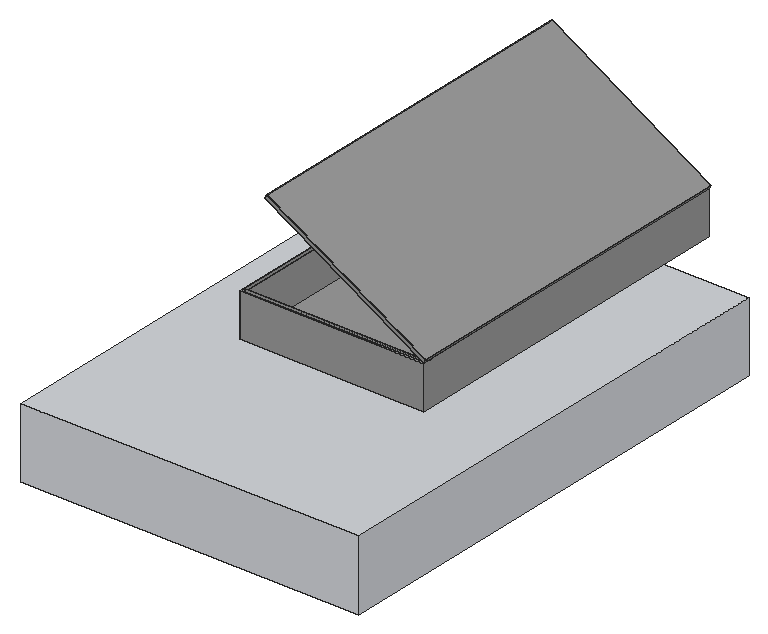
Revit family "Hager-Univers-IP44-D205-H1550-Cl.II-Encl-CH-en", category Equipement électrique, Revit 2020
Family settings
  Hôte = Face
  Configuration du panneau = Deux colonnes, circuits au sein
  Cote de connecteur circulaire = Utiliser le diamètre
  Type d'élément = Tableau de raccordement
  Couper avec des vides une fois chargée = Non
  Partagée = Non
  Point de calcul de pièce = Non
Parameters (values of type "Surface mounted (plaster) IP44 W800 H1550 D205  - FP03SN2")
  Width Control [instance] = if([EF000008 - Width] > Min Width, [EF000008 - Width], Min Width)  # 800 mm
  Commentaires du type = [HG000003 - Range]  # "Univers"
  Thickness Door [instance] = if([EF009171 - Material plate thickness door/cover] > 3 mm, 3 mm, [EF009171 - Material plate thickness door/cover])  # 1 mm
  Seal Frame Offset [instance] = 17 mm  # constant formula
  Plinth Visibility [instance] = [HG000027 - Plinth height] > 0 mm  # no
  Model = ""
  Min Width [instance] = 100 mm  # constant formula
  Min Height [instance] = 100 mm  # constant formula
  Min Depth [instance] = (2 * [EF009170 - Material plate thickness cabinet]) + 1 mm  # 3 mm
  Internal Frame Depth [instance] = (Door System Depth * 0.5)  # 9 mm
  Height Control [instance] = if([EF000040 - Height] > Min Height, [EF000040 - Height], Min Height)  # 1550 mm
  HG000027 - Plinth height = 0 mm
  HG000026 - Floor standing = no
  HG000024 - Bottom section height = 800 mm
  HG000023 - Double section enclosure = no
  HG000016 - Door 3d visibility [instance] = yes
  HG000015 - Clearance visibility [instance] = no
  HG000014 - Door on the right [instance] = yes
  HG000013 - Door on the left [instance] = not([HG000014 - Door on the right])  # no
  HG000012 - Door swing angle [instance] = 30.00°
  HG000010 - Asymmetric doors = no
  HG000009 - Double swing door = no
  HG000006 - Flush mounted = no
  HG000004 - Manufacturer reference = "FP03SN2"
  HG000003 - Range = "Univers"
  HG000002 - With door or cover = yes
  Frame Offset Bottom [instance] = 10 mm  # constant formula
  Frame Offset [instance] = 15 mm  # constant formula
  EF015940 - Cover with overpressure release = no
  EF011959 - Degree of protection (NEMA) = ""
  EF009554 - Number of openings for flange plates = 6
  EF009212 - Cover model = "EV000116 - Closed"
  EF009171 - Material plate thickness door/cover = 1 mm
  EF009170 - Material plate thickness cabinet = 1 mm
  Fabricant = "Hager"  # constant formula
  EF008873 - Nominal current (In) = 250 A
  EF007800 - Suitable for lightning protection = no
  EF006306 - With lock = no
  EF006244 - Transparent cover/door = no
  EF005474 - Degree of protection (IP) = "EV006418 - IP44"
  EF004464 - Type of door = "EV002646 - Single"
  EF004427 - Number of modules = 360
  EF004293 - Impact strength = "EV006815 - IK09"
  EF003532 - Suitable for outdoor use = no
  EF002950 - Width in number of modular spacings = 36
  EF001613 - Circuit integrity = "EV000494 - None"
  EF001596 - Material housing = "EV000179 - Steel"
  EF001131 - Internal depth = 143 mm
  EF001088 - Extension possible = yes
  EF000437 - Number of conduit inlets = 6
  EF000339 - Type of cover = "EV001012 - Cover"
  EF000266 - Number of rows = 10
  EF000218 - Built-in depth = 205 mm
  EF000118 - With mounting plate = no
  EF000116 - RAL-number = "9010"
  EF000049 - Depth = 205 mm
  EF000040 - Height = 1550 mm
  EF000008 - Width = 800 mm
  EF000007 - Colour = "EV000202 - White"
  EF000003 - Mounting method = "EV000384 - Surface mounted (plaster)"
  Door System Leaf Tolerance [instance] = 1.5 mm  # constant formula
  Door System Depth [instance] = 18 mm  # constant formula
  Door Height [instance] = Height Control - [HG000027 - Plinth height]  # 1550 mm
  Depth Control [instance] = if([EF000049 - Depth] > Min Depth, [EF000049 - Depth], Min Depth)  # 205 mm
  Default Elevation = 0 mm
  Connector Offset [instance] = Height Control / 2  # 775 mm
  Bottom Top Plate Trim [instance] = 1.5 mm  # constant formula
  Plinth height Ctrl [instance] = if([HG000027 - Plinth height] > 0 mm, [HG000027 - Plinth height], 12 mm)  # 12 mm
Types (5, lengths in mm): name | Width Control | HG000009 - Double swing door | HG000004 - Manufacturer reference | EF009554 - Number of openings for flange plates | EF008873 - Nominal current (In) | EF004464 - Type of door | EF004427 - Number of modules | EF002950 - Width in number of modular spacings | EF001131 - Internal depth | EF000437 - Number of conduit inlets | EF000008 - Width
  Surface mounted (plaster) IP44 W1050 H1550 D205  - FP04SN2 | 1050 | yes | "FP04SN2" | 8 | 400 A | "EV003602 - Double" | 480 | 48 | 143 | 8 | 1050
  Surface mounted (plaster) IP44 W1300 H1550 D205  - FP05SN2 | 1300 | yes | "FP05SN2" | 10 | 400 A | "EV003602 - Double" | 600 | 60 | 143 | 10 | 1300
  Surface mounted (plaster) IP44 W300 H1550 D205  - FP01SN2 | 300 | no | "FP01SN2" | 2 | 250 A | "EV002646 - Single" | 120 | 12 | 130 | 2 | 300
  Surface mounted (plaster) IP44 W550 H1550 D205  - FP02SN2 | 550 | no | "FP02SN2" | 4 | 250 A | "EV002646 - Single" | 240 | 24 | 143 | 4 | 550
  Surface mounted (plaster) IP44 W800 H1550 D205  - FP03SN2 | 800 | no | "FP03SN2" | 6 | 250 A | "EV002646 - Single" | 360 | 36 | 143 | 6 | 800
Reference planes
  plane 1 "Center (Front/Back)": y = 0
  plane 2: z = 0
  plane 3 "Center (Left/Right)": x = 0
  plane 4: z = 205
  plane 5: y = 1
  plane 6: y = 775
  plane 7: y = 0
  plane 8: y = 1550
  plane 9: z = 0
  plane 10: x = -385
  plane 11: x = 385
  plane 12: x = 384
  plane 13: x = -384
  plane 14: y = 1549
  plane 15: x = -383
  plane 16: x = -400
  plane 17: x = 383
  plane 18: x = 400
  plane 19: x = 399
  plane 20: x = -399
  plane 21: y = 11
  plane 22: y = 1550
  plane 23: y = 1534
  plane 24: z = 187
  plane 25: z = 1
  plane 26: z = 186
  plane 27: z = 204
Forms (mm)
  Extrusion 1, solid
    sketch origin (0, 0, 0) x (1, 0, 0) y (0, 1, 0)
      loop
        line (-702.964, 1305) -> (-702.964, -811.445) -> (766.763, -811.445) -> (766.763, 1305) -> (-702.964, 1305)
    from 0 to -304.8
  Extrusion 2, solid, material "Hager_Steel_RAL7035_Light_Grey", visible <- "Plinth Visibility", detail levels medium+fine
    sketch origin (0, 0, 0) x (1, 0, 0) y (0, 1, 0)
      loop
        line (-400, 0) -> (400, 0) -> (400, 12) -> (-400, 12) -> (-400, 0)
    from 0 to 187
  Extrusion 3, solid, material "Hager_Steel_RAL7035_Light_Grey", detail levels medium+fine
    sketch origin (0, 0, 0) x (1, 0, 0) y (0, 1, 0)
      loop
        line (-400, 0) -> (400, 0) -> (400, 1550) -> (-400, 1550) -> (-400, 0)
    from 0 to 187
  Extrusion 4, void
    sketch origin (0, 0, 0) x (1, 0, 0) y (0, 1, 0)
      loop
        line (-399, 1) -> (399, 1) -> (399, 1549) -> (-399, 1549) -> (-399, 1)
    from 1 to 186
  Extrusion 5, void
    sketch origin (-381.607, -4572, 187) x (0, -1, 0) y (-1, 0, 0)
      loop
        line (-4583, 2.393) -> (-6106, 2.393) -> (-6106, -765.607) -> (-4583, -765.607) -> (-4583, 2.393)
    from 0 to 1 <- "EF009170 - Material plate thickness cabinet"
  Extrusion 6, solid, material "Hager_Steel_RAL7035_Light_Grey", detail levels fine
    sketch origin (0, 0, 187) x (1, 0, 0) y (0, 1, 0)
      loop
        line (-384, 1534) -> (-384, 11) -> (384, 11) -> (384, 1534) -> (-384, 1534)
      loop
        line (-385, 10) -> (385, 10) -> (385, 1535) -> (-385, 1535) -> (-385, 10)
    from 0 to 9 <- "Internal Frame Depth"
  Extrusion 7, solid, material "Hager_Steel_RAL7035_Light_Grey", detail levels coarse
    sketch origin (0, 0, 0) x (1, 0, 0) y (0, 1, 0)
      loop
        line (-400, 0) -> (400, 0) -> (400, 1550) -> (-400, 1550) -> (-400, 0)
    from 0 to 205
  Sweep 8, void
    path in 3D
      loop
        line (-400, 12, 0) -> (400, 12, 0) -> (400, 12, 187) -> (-400, 12, 187) -> (-400, 12, 0)
    profile origin (-400, 12, 93.5) x (-1, 0, 0) y (0, -1, 0)
      loop
        line (0, 0) -> (0, 1.5) -> (-1.5, 1.5)
        arc (-1.5, 1.5) -> (-1.061, 0.439) -> (0, 0) r 1.5
Cuts and joins
  Extrusion 4, Extrusion 5 cuts Extrusion 3
  Sweep 8 cuts Extrusion 2
Lines and regions (mm)
  Masking region 1
    outline origin (0, 0, 0) x (1, 0, 0) y (0, 0, 1)
      loop
        line (-400, 205) -> (-400, 0) -> (400, 0) -> (400, 205) -> (-400, 205)
  Masking region 2, detail levels medium+fine
    outline origin (0, 140, 0) x (0, 1, 0) y (0, 0, 1)
      loop
        line (-140, 0) -> (1410, 0) -> (1410, 187) -> (-140, 187) -> (-140, 0)
  Masking region 3, not visible, detail levels medium+fine
    outline origin (0, 297.922, 0) x (0, 1, 0) y (0, 0, 1)
      loop
        line (488.578, 0) -> (528.578, 0) -> (528.578, 194)
        arc (528.578, 194) -> (525.649, 201.071) -> (518.578, 204) r 10
        line (518.578, 204) -> (488.578, 204) -> (488.578, 0)
  Masking region 4, detail levels coarse
    outline origin (0, 0, 180) x (0, 1, 0) y (0, 0, 1)
      loop
        line (0, -180) -> (1550, -180) -> (1550, 25) -> (0, 25) -> (0, -180)
  Masking region 5, visible <- "Plinth Visibility", detail levels medium+fine
    outline origin (0, 52.24, 12.345) x (0, 0, -1) y (0, 1, 0)
      loop
        line (10.845, -40.24) -> (-173.155, -40.24)
        arc (-173.155, -40.24) -> (-173.594, -41.301) -> (-174.655, -41.74) r 1.5
        line (-174.655, -41.74) -> (-174.655, -52.24) -> (12.345, -52.24) -> (12.345, -41.74)
        arc (12.345, -41.74) -> (11.285, -41.301) -> (10.845, -40.24) r 1.5
  Masking region 6, detail levels medium+fine
    outline origin (-381.607, -4572, 187) x (-1, 0, 0) y (0, -1, 0)
      loop
        line (18.393, -6122) -> (18.393, -4572) -> (-781.607, -4572) -> (-781.607, -6122) -> (18.393, -6122)
  Masking region 7, visible <- "Plinth Visibility", detail levels medium+fine
    outline origin (-381.607, -4727, 187) x (-1, 0, 0) y (0, -1, 0)
      loop
        arc (16.893, -4739) -> (17.332, -4737.939) -> (18.393, -4737.5) r 1.5
        line (18.393, -4737.5) -> (18.393, -4727) -> (-781.607, -4727) -> (-781.607, -4737.5)
        arc (-781.607, -4737.5) -> (-780.546, -4737.939) -> (-780.107, -4739) r 1.5
        line (-780.107, -4739) -> (16.893, -4739)
  Masking region 8, detail levels coarse
    outline origin (-442.548, -4669.526, 187) x (-1, 0, 0) y (0, -1, 0)
      loop
        line (-42.548, -6219.526) -> (-42.548, -4669.526) -> (-842.548, -4669.526) -> (-842.548, -6219.526) -> (-42.548, -6219.526)
  sketch lines
    curve 1: line (-400, 12, 187) -> (-400, 12, 0)
    curve 2: line (400, 12, 187) -> (-400, 12, 187)
    curve 3: line (400, 12, 187) -> (400, 12, 0)
    curve 4: line (-400, 12, 0) -> (400, 12, 0)
Dimensions and locks
  "Depth Control": plane 4 to Extrusion 1
  "HG000027 - Plinth height": plane 1 "Center (Front/Back)" to plane 7
  "EF009170 - Material plate thickness cabinet": plane 5 to plane 7
  locked: connector elem to plane 3 "Center (Left/Right)"
  equal spacing: plane 8, plane 6, plane 7
  locked: connector elem to plane 6
  "EF009170 - Material plate thickness cabinet": plane 8 to plane 14
  "EF009170 - Material plate thickness cabinet": plane 10 to plane 13
  "EF009170 - Material plate thickness cabinet": plane 12 to plane 11
  "Frame Offset": plane 20 to plane 13
  "Frame Offset": plane 12 to plane 19
  "EF009170 - Material plate thickness cabinet": plane 16 to plane 20
  "EF009170 - Material plate thickness cabinet": plane 19 to plane 18
  "Seal Frame Offset": plane 16 to plane 15
  "Seal Frame Offset": plane 17 to plane 18
  "Frame Offset Bottom": plane 21 to plane 5
  "Frame Offset": plane 14 to plane 23
  equal spacing: plane 16, plane 3 "Center (Left/Right)", plane 18
  "Width Control": plane 16 to plane 18
  "EF009170 - Material plate thickness cabinet": plane 4 to plane 27
  "EF009170 - Material plate thickness cabinet": plane 24 to plane 26
  "EF009170 - Material plate thickness cabinet": plane 25 to level
  "Door System Depth": plane 4 to plane 24
  "Height Control": plane 1 "Center (Front/Back)" to Extrusion 7 sketch curve
  "Height Control": Masking region 4 sketch curve to plane 1 "Center (Front/Back)"
  "Height Control": plane 1 "Center (Front/Back)" to plane 22
  "Bottom Top Plate Trim": profile plane to Sweep 8 sketch curve
  "Bottom Top Plate Trim": Sweep 8 sketch curve to profile plane
  "Plinth height Ctrl": plane 1 "Center (Front/Back)" to Extrusion 2 sketch curve
  "Plinth height Ctrl": Masking region 5 sketch curve to plane 1 "Center (Front/Back)"
  "Plinth height Ctrl": plane 1 "Center (Front/Back)" to Masking region 7 sketch curve
  "Thickness Door": Extrusion 6 sketch curve to Extrusion 6 sketch curve  (x3)
  "Thickness Door": cut or joined group of Extrusion 3, Extrusion 4, Extrusion 5 to Extrusion 6 sketch curve
  radius of Masking region 3 sketch curve = 10 mm
  "Bottom Top Plate Trim": radius of Masking region 5 sketch curve  (x2)
  "Bottom Top Plate Trim": radius of Sweep 8 sketch curve
  "Bottom Top Plate Trim": radius of Masking region 7 sketch curve  (x2)
  aligned and locked: plane 2 to Extrusion 1
  aligned and locked: level to Extrusion 1
  aligned and locked: level to Masking region 1 sketch curve
  aligned and locked: Masking region 1 sketch curve to plane 18
  aligned and locked: Masking region 1 sketch curve to plane 16
  aligned and locked: plane 7 to Masking region 2 sketch curve
  aligned and locked: level to Masking region 3 sketch curve
  aligned and locked: Masking region 3 sketch curve to plane 27
  aligned and locked: level to Masking region 2 sketch curve
  aligned and locked: plane 1 "Center (Front/Back)" to Extrusion 2 sketch curve
  aligned and locked: Extrusion 3 sketch curve to plane 7
  aligned and locked: plane 16 to Extrusion 3 sketch curve
  aligned and locked: plane 18 to Extrusion 3 sketch curve
  aligned and locked: plane 20 to Extrusion 4 sketch curve
  aligned and locked: plane 19 to Extrusion 4 sketch curve
  aligned and locked: Extrusion 4 sketch curve to plane 5
  aligned and locked: Extrusion 4 to plane 25
  aligned and locked: plane 26 to Extrusion 4
  aligned and locked: plane 24 to Extrusion 3
  aligned and locked: Extrusion 5 sketch curve to plane 21
  aligned and locked: Extrusion 5 sketch curve to plane 13
  aligned and locked: Extrusion 5 sketch curve to plane 12
  aligned and locked: plane 18 to Extrusion 7 sketch curve
  aligned and locked: plane 1 "Center (Front/Back)" to Extrusion 7 sketch curve
  aligned and locked: plane 16 to Extrusion 7 sketch curve
  aligned and locked: plane 4 to Extrusion 7
  aligned and locked: Extrusion 7 to level
  aligned and locked: level to Masking region 4 sketch curve
  aligned and locked: Masking region 4 sketch curve to plane 1 "Center (Front/Back)"
  aligned and locked: Masking region 4 sketch curve to plane 4
  aligned and locked: nested 1 to level
  aligned and locked: nested 1 to plane 16
  aligned and locked: plane 8 to Extrusion 3 sketch curve
  aligned and locked: plane 23 to Extrusion 5 sketch curve
  aligned and locked: plane 14 to Extrusion 4 sketch curve
  aligned and locked: Masking region 2 sketch curve to plane 8
  aligned and locked: level to Masking region 5 sketch curve
  aligned and locked: plane 16 to Extrusion 2 sketch curve
  aligned and locked: plane 18 to Extrusion 2 sketch curve
  aligned and locked: Masking region 5 sketch curve to plane 24
  aligned and locked: Masking region 2 sketch curve to plane 24
  aligned and locked: plane 24 to Extrusion 2
  aligned and locked: profile plane to Sweep 8 sketch curve  (x2)
  aligned and locked: Masking region 6 sketch curve to plane 18
  aligned and locked: Masking region 6 sketch curve to plane 22
  aligned and locked: Masking region 6 sketch curve to plane 16
  aligned and locked: plane 8 to plane 22
  aligned and locked: Masking region 6 sketch curve to plane 7
  aligned and locked: Masking region 7 sketch curve to plane 16
  aligned and locked: Masking region 7 sketch curve to plane 1 "Center (Front/Back)"
  aligned and locked: Masking region 7 sketch curve to plane 18
  aligned and locked: Masking region 8 sketch curve to plane 1 "Center (Front/Back)"
  aligned and locked: Masking region 8 sketch curve to plane 18
  aligned and locked: Masking region 8 sketch curve to plane 22
  aligned and locked: Masking region 8 sketch curve to plane 16
  aligned and locked: nested 2 to plane 7
  aligned and locked: plane 3 "Center (Left/Right)" to nested 2
  aligned and locked: nested 2 to plane 24
  aligned and locked: Extrusion 6 sketch curve to cut or joined group of Extrusion 3, Extrusion 4, Extrusion 5  (x4)
Automatic sketch dimensions
  Extrusion 1 sketch curve to Extrusion 1 sketch curve = 1469.727 mm
  Extrusion 1 sketch curve to Extrusion 1 sketch curve = 2116.445 mm
  Masking region 1 sketch curve to plane 4 = 0 mm
  plane 6 to Masking region 3 sketch curve = 11.5 mm
  Masking region 3 sketch curve to Masking region 3 sketch curve = 30 mm
  Masking region 5 sketch curve to plane 1 "Center (Front/Back)" = 0 mm
Nested families
  nested 1: "Hager_Enclosure_Symbol" at (-400, 0, 0) x (1, 0, 0) z (0, -1, 0), Height <- "Depth Control", Width <- "Width Control", type "Hager_Enclosure_Symbol"
    with Width_Ctrl 800 mm, Width 800 mm, Height_Ctrl 205 mm, Height 205 mm, A_Width_Int 13.453 mm, A_Width 161.438 mm, A_Height_Ctrl 179.375 mm, A_Height 179.375 mm
  nested 2: "EC000058_Univers_Door" at (0, 0, 187) x (1, 0, 0) z (0, 1, 0), Leaf_Tolerance <- "Door System Leaf Tolerance", Angle <- "HG000012 - Door swing angle", Door_Depth <- "Door System Depth", Door_Left <- "HG000013 - Door on the left", Transparent <- "EF006244 - Transparent cover/door", Assymetrical <- "HG000010 - Asymmetric doors", Width <- "Width Control", Clearance <- "HG000015 - Clearance visibility", Double <- "HG000009 - Double swing door", 3d_Door <- "HG000016 - Door 3d visibility", Lock_Visibility <- "EF006306 - With lock", Width_Ctrl <- "Width Control", Door_Right <- "HG000014 - Door on the right", Door <- "HG000002 - With door or cover", Height <- "Door Height", Thickness <- "Thickness Door", type "EC000058_Univers_Door", detail levels medium+fine
    with min_wh 3 mm, Width_Ctrl 800 mm, Width 800 mm, Transparent no, Thickness 1 mm, Seal_Material Hager_Rubber, Lock_Visibility no, Lock_Material Hager_Plastic_RAL9005_Jet_Black, Leaf_Width 800 mm, Leaf_Tolerance_External_Sides 0 mm, Leaf_Tolerance 1.5 mm, Leaf_Offset 0 mm, Leaf_Height 1547 mm, Leaf_2_Width 800 mm, Leaf_2_Offset 400 mm, Leaf_1_Width 800 mm, Leaf_1_Offset 400 mm, Height_Ctrl 1550 mm, Height 1550 mm, Glass_Material Hager_Glass, Double_Clearance_Ctrl no, Double no, Door_Right_Ctrl yes, Door_Right yes, Door_Material Hager_Steel_RAL7035_Light_Grey, Door_Left_Ctrl no, Door_Left no, Door_Depth 18 mm, Door yes, Clearance_Material Hager_Clearance, Clearance_Depth 800 mm, Clearance_Ctrl no, Clearance no, Assymetrical no, Angle 30.00°, 3d_Door yes
Connectors
  electrical at (0, 775, 0)
    settings: on plane 9, index 1, voltage 0 V, apparent load 0 VA, apparent load phase1 0 VA, apparent load phase2 0 VA, apparent load phase3 0 VA, power factor 1, load classification "Other", number of poles 1, system type 30, power factor state 1, is connector primary yes, connector utility no, sub classification motor no, connector description ""
Definition of nested family "EC000058_Univers_Door"
  Parameters (values of type "EC000058_Univers_Door")
    min_wh [instance] = (2 * Thickness) + 1 mm  # 11 mm
    Width_Ctrl [instance] = 400 mm
    Width [instance] = 500 mm
    Transparent [instance] = yes
    Thickness [instance] = 5 mm
    Seal_Material [instance] = none
    Lock_Visibility [instance] = yes
    Lock_Material [instance] = none
    Leaf_Width [instance] = if((Width_Ctrl - 2 * Leaf_Tolerance_External_Sides) > 0 mm, (Width_Ctrl - 2 * Leaf_Tolerance_External_Sides), min_wh)  # 400 mm
    Leaf_Tolerance_External_Sides [instance] = 0 mm  # constant formula
    Leaf_Tolerance [instance] = 1.5 mm
    Leaf_Offset [instance] = 0 mm  # constant formula
    Leaf_Height [instance] = if((Height_Ctrl - 2 * Leaf_Tolerance) > 0 mm, (Height_Ctrl - 2 * Leaf_Tolerance), min_wh)  # 497 mm
    Leaf_2_Width [instance] = if(and(and(Double, Assymetrical), Door_Left), (Leaf_Width / 3) - (Leaf_Tolerance / 2), if(and(and(Double, Assymetrical), Door_Right), (Leaf_Width / 3) * 2 - (Leaf_Tolerance / 2), if(and(Double, not(Assymetrical)), (Leaf_Width / 2) - Leaf_Tolerance, Leaf_Width)))  # 400 mm
    Leaf_2_Offset [instance] = if(and(Double, Assymetrical), Leaf_2_Width / 2, if(and(Double, not(Assymetrical)), Leaf_Width / 4, Leaf_Width / 2))  # 200 mm
    Leaf_1_Width [instance] = if(and(and(Double, Assymetrical), Door_Right), (Leaf_Width / 3) - (Leaf_Tolerance / 2), if(and(and(Double, Assymetrical), Door_Left), (Width / 3) * 2 - (Leaf_Tolerance / 2), if(and(Double, not(Assymetrical)), (Leaf_Width / 2) - Leaf_Tolerance, Leaf_Width)))  # 400 mm
    Leaf_1_Offset [instance] = if(and(Double, Assymetrical), Leaf_1_Width / 2, if(and(Double, not(Assymetrical)), Leaf_Width / 4, Leaf_Width / 2))  # 200 mm
    Height_Ctrl [instance] = if(Height > min_wh, Height, min_wh)  # 500 mm
    Height [instance] = 500 mm
    Glass_Material [instance] = none
    Double_Clearance_Ctrl [instance] = and(Double, Clearance)  # no
    Double [instance] = no
    Door_Right_Ctrl [instance] = and(or(Door_Right, Double), Door)  # yes
    Door_Right [instance] = yes
    Door_Material [instance] = none
    Door_Left_Ctrl [instance] = and(or(Door_Left, Double), Door)  # no
    Door_Left [instance] = no
    Door_Depth [instance] = 30 mm
    Door [instance] = yes
    Default Elevation = 1219.2 mm
    Clearance_Material [instance] = none
    Clearance_Depth [instance] = if(Leaf_1_Width > Leaf_2_Width, Leaf_1_Width, Leaf_2_Width)  # 400 mm
    Clearance_Ctrl [instance] = and(not(Double), Clearance)  # yes
    Clearance [instance] = yes
    Assymetrical [instance] = yes
    Angle [instance] = 30.00°
    3d_Door [instance] = yes
  Reference planes
    plane 1 "Center (Front/Back)": y = 0
    plane 2 "Bottom": z = 0
    plane 3 "Center (Left/Right)": x = 0
    plane 4: z = 500
    plane 5: x = -200
    plane 6: x = 200
    plane 7: z = 500
    plane 8: x = -200
    plane 9: z = 0
    plane 10: x = 200
    plane 11: y = 0
    plane 12: z = 1.5
    plane 13: x = -600
    plane 14: y = -400
    plane 15: x = 600
    plane 16: x = 0
    plane 17: x = 0
    plane 18: x = -200
    plane 19: x = 200
    plane 20: z = 498.5
  Forms (mm)
    Extrusion 1, solid, material <- "Clearance_Material", visible <- "Double_Clearance_Ctrl"
      sketch origin (1200, 0, 0) x (1, 0, 0) y (0, 0, -1)
        loop
          line (-1800, -498.5) -> (-600, -498.5) -> (-600, 0) -> (-1800, 0) -> (-1800, -498.5)
      from 0 to -400
  Dimensions and locks
    equal spacing: plane 5, plane 3 "Center (Left/Right)", plane 6
    "Width_Ctrl": plane 5 to plane 6
    "Leaf_Offset": plane 5 to plane 8
    "Leaf_Offset": plane 6 to plane 10
    "Leaf_Offset": plane 9 to level
    "Leaf_Offset": plane 4 to plane 7
    "Height_Ctrl": plane 4 to level
    "Leaf_Tolerance": plane 12 to plane 9
    locked: plane 11 to plane 1 "Center (Front/Back)"
    "Leaf_1_Offset": plane 18 to plane 16
    "Leaf_2_Offset": plane 17 to plane 19
    "Leaf_1_Width": plane 13 to plane 8
    "Leaf_2_Width": plane 10 to plane 15
    "Clearance_Depth": plane 14 to plane 1 "Center (Front/Back)"
    "Leaf_Tolerance_External_Sides": plane 8 to plane 18
    "Leaf_Tolerance_External_Sides": plane 19 to plane 10
    "Leaf_Tolerance": plane 7 to plane 20
    aligned and locked: level to plane 2 "Bottom"
    aligned and locked: nested 1 to plane 16
    aligned and locked: nested 2 to plane 17
    aligned and locked: Extrusion 1 to plane 13
    aligned and locked: plane 15 to Extrusion 1
    aligned and locked: Extrusion 1 to plane 14
    aligned and locked: plane 12 to nested 1
    aligned and locked: nested 2 to plane 12
    aligned and locked: Extrusion 1 to plane 11
    aligned and locked: plane 20 to Extrusion 1
    aligned and locked: nested 2 to plane 11
    aligned and locked: nested 1 to plane 11
  Automatic sketch dimensions
    Extrusion 1 sketch curve to level = 0 mm
    plane 5 to Extrusion 1 sketch curve = 400 mm
    plane 6 to Extrusion 1 sketch curve = 400 mm
    Extrusion 1 sketch curve to plane 4 = 1.5 mm
  Nested families
    nested 1: "EC000058_Univers_Door_Leaf" at (0, 0, 1.5), Width <- "Leaf_1_Width", visible <- "Door_Left_Ctrl", Leaf_Height <- "Leaf_Height", Angle <- "Angle", 3d_Door <- "3d_Door", Transparent <- "Transparent", Clearance Material <- "Clearance_Material", Clearance <- "Clearance_Ctrl", Door_Material <- "Door_Material", Glass_Material <- "Glass_Material", Door_Depth <- "Door_Depth", Lock_Material <- "Lock_Material", Seal_Material <- "Seal_Material", Lock_Visibility <- "Lock_Visibility", Thickness <- "Thickness", type "EC000058_Univers_Door_Leaf"
      with Width 400 mm, Transparent_Glass_Offset 30 mm, Transparent_Ctrl yes, Transparent yes, Thickness 5 mm, Standard no, Seal_Material none, Seal_D2 8 mm, Seal_D1 1 mm, Offset_Internal_Frame 10 mm, Lock_Width 20 mm, Lock_Visibility_3d yes, Lock_Visibility yes, Lock_Thickness_3 3 mm, Lock_Thickness_2 1 mm, Lock_Thickness_1 3 mm, Lock_Radius_Offset_2 16 mm, Lock_Radius_Offset_1 15 mm, Lock_Radius_2 5 mm, Lock_Radius 6 mm, Lock_Offset 5 mm, Lock_Material none, Lock_Height 80 mm, Lock_Cover_Top_Offset_2d 17 mm, Lock_Cover_Height -65 mm, Leaf_Height 497 mm, Internal_Seal_Thickness 8 mm, Internal_Seal_Depth_2 4.5 mm, Internal_Frame_Depth 25 mm, Glass_Thickness -1 mm, Glass_Offset -2 mm, Glass_Material none, Door_Material none, Door_Depth 30 mm, Clearance Material none, Clearance yes, Angle_Ctrl 30.00°, Angle 30.00°, 3d_Door yes
    nested 2: "EC000058_Univers_Door_Leaf" at (0, 0, 1.5) x (-1, 0, 0) z (0, 0, 1), Width <- "Leaf_2_Width", visible <- "Door_Right_Ctrl", Leaf_Height <- "Leaf_Height", Angle <- "Angle", 3d_Door <- "3d_Door", Transparent <- "Transparent", Clearance Material <- "Clearance_Material", Clearance <- "Clearance_Ctrl", Door_Material <- "Door_Material", Glass_Material <- "Glass_Material", Door_Depth <- "Door_Depth", Lock_Material <- "Lock_Material", Seal_Material <- "Seal_Material", Lock_Visibility <- "Lock_Visibility", Thickness <- "Thickness", type "EC000058_Univers_Door_Leaf"
      with Width 400 mm, Transparent_Glass_Offset 30 mm, Transparent_Ctrl yes, Transparent yes, Thickness 5 mm, Standard no, Seal_Material none, Seal_D2 8 mm, Seal_D1 1 mm, Offset_Internal_Frame 10 mm, Lock_Width 20 mm, Lock_Visibility_3d yes, Lock_Visibility yes, Lock_Thickness_3 3 mm, Lock_Thickness_2 1 mm, Lock_Thickness_1 3 mm, Lock_Radius_Offset_2 16 mm, Lock_Radius_Offset_1 15 mm, Lock_Radius_2 5 mm, Lock_Radius 6 mm, Lock_Offset 5 mm, Lock_Material none, Lock_Height 80 mm, Lock_Cover_Top_Offset_2d 17 mm, Lock_Cover_Height -65 mm, Leaf_Height 497 mm, Internal_Seal_Thickness 8 mm, Internal_Seal_Depth_2 4.5 mm, Internal_Frame_Depth 25 mm, Glass_Thickness -1 mm, Glass_Offset -2 mm, Glass_Material none, Door_Material none, Door_Depth 30 mm, Clearance Material none, Clearance yes, Angle_Ctrl 30.00°, Angle 30.00°, 3d_Door yes
  Definition of nested family "EC000058_Univers_Door_Leaf"
    Parameters (values of type "EC000058_Univers_Door_Leaf")
      Width [instance] = 2000 mm
      Transparent_Glass_Offset [instance] = 30 mm
      Transparent_Ctrl [instance] = and(Transparent, [3d_Door])  # yes
      Transparent [instance] = yes
      Thickness [instance] = 5 mm
      Standard [instance] = and(not(Transparent), [3d_Door])  # no
      Seal_Material [instance] = none
      Seal_D2 [instance] = 8 mm  # constant formula
      Seal_D1 [instance] = 1 mm  # constant formula
      Offset_Internal_Frame [instance] = 10 mm  # constant formula
      Lock_Width [instance] = 20 mm  # constant formula
      Lock_Visibility_3d [instance] = and(Lock_Visibility, [3d_Door])  # yes
      Lock_Visibility [instance] = yes
      Lock_Thickness_3 [instance] = 3 mm  # constant formula
      Lock_Thickness_2 [instance] = 1 mm  # constant formula
      Lock_Thickness_1 [instance] = 3 mm  # constant formula
      Lock_Radius_Offset_2 [instance] = Lock_Radius_Offset_1 + 1 mm  # 16 mm
      Lock_Radius_Offset_1 [instance] = 15 mm  # constant formula
      Lock_Radius_2 [instance] = Lock_Radius - 1 mm  # 5 mm
      Lock_Radius [instance] = 6 mm  # constant formula
      Lock_Offset [instance] = 5 mm  # constant formula
      Lock_Material [instance] = none
      Lock_Height [instance] = 80 mm  # constant formula
      Lock_Cover_Top_Offset_2d [instance] = Lock_Radius_Offset_2 + 1 mm  # 17 mm
      Lock_Cover_Height [instance] = -(Lock_Height - Lock_Radius_Offset_1)  # -65 mm
      Leaf_Height [instance] = 2720.336 mm
      Internal_Seal_Thickness [instance] = 8 mm  # constant formula
      Internal_Seal_Depth_2 [instance] = 4.5 mm  # constant formula
      Internal_Frame_Depth [instance] = if(Door_Depth - Thickness > 5 mm, Door_Depth - Thickness, 5 mm)  # 25 mm
      Glass_Thickness [instance] = if(Thickness > 15 mm, Glass_Offset + 10 mm, -1 mm)  # -1 mm
      Glass_Offset [instance] = if(Thickness > 15 mm, -(Thickness + 10 mm) / 2, -2 mm)  # -2 mm
      Glass_Material [instance] = none
      Door_Material [instance] = none
      Door_Depth [instance] = 30 mm
      Default Elevation = 0 mm
      Clearance Material [instance] = none
      Clearance [instance] = yes
      Angle_Ctrl [instance] = if(Angle > 180.00°, 180.00°, Angle)  # 90.00°
      Angle [instance] = 90.00°
      3d_Door [instance] = yes
    Reference planes
      plane 1 "Center (Front/Back)": y = 0
      plane 2: z = 0
      plane 3 "Center (Left/Right)": x = 0
      plane 4: y = 2000
      plane 5: x = -1000
      plane 6: x = 1000
      plane 7: x = -3000
      plane 8: z = 2720.336
      plane 9: z = 30
      plane 10: z = 2690.336
      plane 11: x = 970
      plane 12: x = -970
      plane 13: y = -3
      plane 14: z = 107.833
      plane 15: y = -5
      plane 16: y = -223.314
      plane 17: x = -1000
      plane 18: z = 1360.168
      plane 19: y = 30
    Forms (mm)
      Extrusion 1, solid, material <- "Clearance Material", visible <- "Clearance"
        sketch origin (0, 0, 0) x (1, 0, 0) y (0, 0, 1)
          loop
            line (-3000, 2720.336) -> (-3000, 0) -> (1000, 0) -> (1000, 2720.336) -> (-3000, 2720.336)
        from 0 to -2000
      Extrusion 2, solid, material <- "Door_Material", visible <- "Standard", detail levels medium+fine
        sketch origin (-1000, 0, 0) x (0, 1, 0) y (-1, 0, 0)
          loop
            line (0, 30) -> (0, 25) -> (2000, 25) -> (2000, 30) -> (0, 30)
        from 0 to 2720.336 <- "Leaf_Height"
      Extrusion 3, solid, material <- "Door_Material", visible <- "Transparent_Ctrl", detail levels medium+fine
        sketch origin (-1000, 0, 0) x (0, 1, 0) y (-1, 0, 0)
          loop
            line (0, 25) -> (2000, 25) -> (2000, 30) -> (0, 30) -> (0, 25)
        from 0 to 2720.336 <- "Leaf_Height"
      Extrusion 4, void
        sketch origin (-1025, 2000, 0) x (0, 1, 0) y (0, 0, -1)
          loop
            line (-30, -2690.336) -> (-30, -30) -> (-1970, -30) -> (-1970, -2690.336) -> (-30, -2690.336)
        from 0 to 5 <- "Thickness"
      Sweep 5, solid, material <- "Seal_Material", visible <- "Transparent_Ctrl", detail levels fine
        path in 3D
          loop
            line (-1025, 30, 30) -> (-1025, 30, 2690.336) -> (-1025, 1970, 2690.336) -> (-1025, 1970, 30) -> (-1025, 30, 30)
        profile origin (-1025, 1000, 30) x (1, 0, 0) y (0, 0, 1)
          loop
            line (0, 0) -> (0, -8) -> (1, -8) -> (1, 0) -> (0, 0)
      Extrusion 6, solid, material <- "Glass_Material", visible <- "Transparent_Ctrl", detail levels medium+fine
        sketch origin (-1030, 0, 0) x (0, 1, 0) y (0, 0, -1)
          loop
            line (1970, -2690.336) -> (1970, -30) -> (30, -30) -> (30, -2690.336) -> (1970, -2690.336)
        from -2 <- "Glass_Offset" to -1 <- "Glass_Thickness"
      Extrusion 7, solid, material <- "Door_Material", visible <- "3d_Door", detail levels medium+fine
        sketch origin (-1025, 2000, 0) x (0, -1, 0) y (0, 0, -1)
          loop
            line (0, -2720.336) -> (2000, -2720.336) -> (2000, 0) -> (0, 0) -> (0, -2720.336)
          loop
            line (1995, -5) -> (5, -5) -> (5, -2715.336) -> (1995, -2715.336) -> (1995, -5)
        from 0 to 25 <- "Internal_Frame_Depth"
      Sweep 8, solid, material <- "Seal_Material", visible <- "Transparent_Ctrl", detail levels fine
        path in 3D
          loop
            line (-1025, 0, 0) -> (-1025, 2000, 0) -> (-1025, 2000, 2720.336) -> (-1025, 0, 2720.336) -> (-1025, 0, 0)
        profile origin (-1025, 0, 1360.168) x (1, 0, 0) y (0, 1, 0)
          loop
            line (0, 10) -> (2.975, 10)
            arc (2.975, 10) -> (4.053, 10.447) -> (4.5, 11.525) r 1.525
            line (4.5, 11.525) -> (4.5, 16.527)
            arc (4.5, 16.527) -> (4.069, 17.569) -> (3.027, 18) r 1.473
            line (3.027, 18) -> (0, 18) -> (0, 10)
      Extrusion 9, solid, material <- "Lock_Material", visible <- "Lock_Visibility_3d", detail levels fine
        sketch origin (-1030, 0, 0) x (0, 1, 0) y (0, 0, -1)
          loop
            arc (1993.5, -1400.168) -> (1994.561, -1399.729) -> (1995, -1398.668) r 1.5
            line (1995, -1398.668) -> (1995, -1320.168) -> (1975, -1320.168) -> (1975, -1398.668)
            arc (1975, -1398.668) -> (1975.439, -1399.729) -> (1976.5, -1400.168) r 1.5
            line (1976.5, -1400.168) -> (1993.5, -1400.168)
        from 3 <- "Lock_Thickness_1" to 0
      Blend 10, solid, material <- "Lock_Material", visible <- "Lock_Visibility_3d", detail levels fine
        base sketch origin (-1033, 0, 0) x (0, 1, 0) y (0, 0, -1)
          loop
            line (1975, -1320.168) -> (1975, -1398.668)
            arc (1975, -1398.668) -> (1975.439, -1399.729) -> (1976.5, -1400.168) r 1.5
            line (1976.5, -1400.168) -> (1993.5, -1400.168)
            arc (1993.5, -1400.168) -> (1994.561, -1399.729) -> (1995, -1398.668) r 1.5
            line (1995, -1398.668) -> (1995, -1320.168) -> (1975, -1320.168)
        top sketch origin (-1033, 0, 0) x (0, 1, 0) y (0, 0, -1)
          loop
            line (1976, -1320.168) -> (1976, -1398.668)
            arc (1976, -1398.668) -> (1976.146, -1399.022) -> (1976.5, -1399.168) r 0.5
            line (1976.5, -1399.168) -> (1993.5, -1399.168)
            arc (1993.5, -1399.168) -> (1993.854, -1399.022) -> (1994, -1398.668) r 0.5
            line (1994, -1398.668) -> (1994, -1320.168) -> (1976, -1320.168)
        from 0 to 1 <- "Lock_Thickness_2"
      Blend 11, solid, material <- "Lock_Material", visible <- "Lock_Visibility_3d", detail levels fine
        base sketch origin (-1034, 0, 0) x (0, 1, 0) y (0, 0, -1)
          loop
            line (1978, -1320.168) -> (1978, -1384.168)
            arc (1978, -1384.168) -> (1985, -1391.168) -> (1992, -1384.168) r 7
            line (1992, -1384.168) -> (1992, -1320.168) -> (1978, -1320.168)
        top sketch origin (-1034, 0, 0) x (0, 1, 0) y (0, 0, -1)
          loop
            line (1991, -1320.168) -> (1979, -1320.168) -> (1979, -1383.168)
            arc (1979, -1383.168) -> (1985, -1389.168) -> (1991, -1383.168) r 6
            line (1991, -1383.168) -> (1991, -1320.168)
        from 0 to 3 <- "Lock_Thickness_3"
      Extrusion 12, solid, material <- "Lock_Material", visible <- "Lock_Visibility_3d", detail levels fine
        sketch origin (-1030, 1975, 1320.168) x (1, 0, 0) y (0, -1, 0)
          loop
            line (-7, -19) -> (-7, -1) -> (0, -1) -> (0, 0) -> (-8, 0) -> (-8, -20) -> (0, -20) -> (0, -19) -> (-7, -19)
        from 0 to -65 <- "Lock_Cover_Height"
      Extrusion 13, void
        sketch origin (-1038, 1995, 1320.168) x (-1, 0, 0) y (0, 0, -1)
          loop
            line (-5, -65) -> (0, -65) -> (-5, -60) -> (-5, -65)
        from 0 to 20 <- "Lock_Width"
      Extrusion 14, void
        sketch origin (-1038, 1975, 1320.168) x (0, -1, 0) y (0, 0, -1)
          loop
            circle (-10, -15.995) r 6
          loop
            circle (-10, -15.995) r 5
        from 0 to 2
      Extrusion 15, solid, material <- "Lock_Material", visible <- "Lock_Visibility_3d", detail levels medium
        sketch origin (-1030, 0, 0) x (0, 1, 0) y (0, 0, -1)
          loop
            arc (1993.5, -1400.168) -> (1994.561, -1399.729) -> (1995, -1398.668) r 1.5
            line (1995, -1398.668) -> (1995, -1320.168) -> (1975, -1320.168) -> (1975, -1398.668)
            arc (1975, -1398.668) -> (1975.439, -1399.729) -> (1976.5, -1400.168) r 1.5
            line (1976.5, -1400.168) -> (1993.5, -1400.168)
        from 8 to 0
    Cuts and joins
      Extrusion 4 cuts Extrusion 3
      Extrusion 13, Extrusion 14 cuts Extrusion 9
      Extrusion 14 cuts Blend 11
      Extrusion 13, Extrusion 14 cuts Extrusion 12
      joined: Extrusion 9, Blend 10, Blend 11, Extrusion 12
      Extrusion 14 cuts Extrusion 15
    Lines and regions (mm)
      Masking region 1, visible <- "Lock_Visibility", detail levels fine
        outline origin (0, 0, 0) x (0, 1, 0) y (0, 0, 1)
          loop
            line (30, 1320.168) -> (33, 1320.168) -> (33, 1400.168) -> (30, 1400.168) -> (30, 1320.168)
      Masking region 2, visible <- "Lock_Visibility", detail levels fine
        outline origin (0, 3.143, 0) x (0, 1, 0) y (0, 0, 1)
          loop
            line (29.857, 1354.168) -> (30.857, 1354.168) -> (30.857, 1366.168) -> (29.857, 1366.168) -> (29.857, 1354.168)
      Masking region 3, detail levels medium+fine
        outline origin (0, 0, 0) x (0, 1, 0) y (0, 0, 1)
          loop
            line (0, 0) -> (30, 0) -> (30, 2720.336) -> (0, 2720.336) -> (0, 0)
      Masking region 4, detail levels medium+fine
        outline origin (0, 0, 0) x (1, 0, 0) y (0, 0, 1)
          loop
            line (-1000, 2720.336) -> (-1000, 0) -> (1000, 0) -> (1000, 2720.336) -> (-1000, 2720.336)
      Masking region 5, visible <- "Lock_Visibility", detail levels fine
        outline origin (-47.116, 0, 0) x (1, 0, 0) y (0, 0, 1)
          loop
            arc (1024.616, 1399.168) -> (1023.556, 1398.729) -> (1023.116, 1397.668) r 1.5
            line (1023.116, 1397.668) -> (1023.116, 1320.168) -> (1041.116, 1320.168) -> (1041.116, 1397.668)
            arc (1041.116, 1397.668) -> (1040.677, 1398.729) -> (1039.616, 1399.168) r 1.5
            line (1039.616, 1399.168) -> (1024.616, 1399.168)
      Masking region 6, visible <- "Lock_Visibility", detail levels medium+fine
        outline origin (-25, 0, 0) x (1, 0, 0) y (0, 0, 1)
          loop
            arc (1001.5, 1400.168) -> (1000.439, 1399.729) -> (1000, 1398.668) r 1.5
            line (1000, 1398.668) -> (1000, 1320.168) -> (1020, 1320.168) -> (1020, 1398.668)
            arc (1020, 1398.668) -> (1019.561, 1399.729) -> (1018.5, 1400.168) r 1.5
            line (1018.5, 1400.168) -> (1001.5, 1400.168)
      Masking region 7, visible <- "Lock_Visibility", detail levels fine
        outline origin (-73.735, 0, 0) x (1, 0, 0) y (0, 0, 1)
          loop
            line (1051.735, 1382.168) -> (1065.735, 1382.168) -> (1065.735, 1384.168)
            arc (1065.735, 1384.168) -> (1058.735, 1391.168) -> (1051.735, 1384.168) r 7
            line (1051.735, 1384.168) -> (1051.735, 1382.168)
      Masking region 8, visible <- "Lock_Visibility", detail levels fine
        outline origin (-73.735, 0, 0) x (1, 0, 0) y (0, 0, 1)
          loop
            line (1052.735, 1382.168) -> (1064.735, 1382.168) -> (1064.735, 1383.168)
            arc (1064.735, 1383.168) -> (1058.735, 1389.168) -> (1052.735, 1383.168) r 6
            line (1052.735, 1383.168) -> (1052.735, 1382.168)
      Masking region 9, visible <- "Lock_Visibility", detail levels fine
        outline origin (-25, 0, 0) x (1, 0, 0) y (0, 0, 1)
          loop
            line (1020, 1320.168) -> (1020, 1382.168) -> (1000, 1382.168) -> (1000, 1320.168) -> (1020, 1320.168)
      Masking region 10, detail levels medium+fine
        outline origin (0, 0, 0) x (1, 0, 0) y (0, 0, 1)
          loop
            circle (985, 1335.144) r 6
      Masking region 11, detail levels fine
        outline origin (0, 0, 0) x (1, 0, 0) y (0, 0, 1)
          loop
            circle (985, 1335.144) r 5
      Masking region 12, visible <- "Lock_Visibility", detail levels fine
        outline origin (0, 12.767, 0) x (0, 1, 0) y (0, 0, 1)
          loop
            line (20.233, 1320.168) -> (21.233, 1320.168) -> (21.233, 1399.168) -> (20.233, 1400.168) -> (20.233, 1320.168)
      Masking region 13, visible <- "Lock_Visibility", detail levels fine
        outline origin (0, 13.767, -10) x (0, 1, 0) y (0, 0, 1)
          loop
            line (20.233, 1330.168) -> (23.233, 1330.168) -> (23.233, 1399.168) -> (20.233, 1402.168) -> (20.233, 1330.168)
      Masking region 14, visible <- "Lock_Visibility", detail levels fine
        outline origin (0, 12.767, -10) x (0, 1, 0) y (0, 0, 1)
          loop
            line (20.233, 1330.168) -> (25.233, 1330.168) -> (25.233, 1399.305) -> (20.233, 1394.305) -> (20.233, 1330.168)
      Masking region 15, visible <- "Lock_Visibility", detail levels medium
        outline origin (0, 0, 0) x (0, 1, 0) y (0, 0, 1)
          loop
            line (30, 1320.168) -> (38, 1320.168) -> (38, 1400.168) -> (30, 1400.168) -> (30, 1320.168)
      Masking region 16, visible <- "Lock_Visibility", detail levels fine
        outline origin (-1000, 0, 0) x (0, 1, 0) y (-1, 0, 0)
          loop
            line (1975, 30) -> (1995, 30) -> (1995, 38) -> (1975, 38) -> (1975, 30)
          loop
            line (1979, 37) -> (1976, 37) -> (1976, 34) -> (1978, 34) -> (1979, 37)
          loop
            line (1994, 37) -> (1991, 37) -> (1992, 34) -> (1994, 34) -> (1994, 37)
      Masking region 17, visible <- "Lock_Visibility", detail levels medium
        outline origin (-1000, 0, 0) x (0, 1, 0) y (-1, 0, 0)
          loop
            line (1975, 30) -> (1995, 30) -> (1995, 38) -> (1975, 38) -> (1975, 30)
      symbolic lines
        curve 1: line (1000, 0, 0) -> (-3000, 0, 0)
        curve 2: arc (1000, 0, 0) -> (-1000, 2000, 0) -> (-3000, 0, 0) r 2000
        curve 4: line (-1030, 0, 0) -> (-1030, 2000, 0)
      reference lines
        curve 3: line (-1000, 0, 0) -> (-1000, 2000, 0)
      symbolic lines, detail levels medium+fine
        curve 5: line (-1030, 2000, 0) -> (-1025, 2000, 0)
        curve 7: line (-1025, 0, 0) -> (-1030, 0, 0)
        curve 8: line (-1025, 0, 0) -> (-1000, 0, 0)
        curve 9: line (-1000, 0, 0) -> (-1000, 2000, 0)
        curve 10: line (-1000, 2000, 0) -> (-1025, 2000, 0)
      symbolic lines, detail levels fine
        curve 6: line (-1025, 2000, 0) -> (-1025, 0, 0)
      sketch lines
        curve 11: line (-1025, 0, 2720.336) -> (-1025, 0, 0)
        curve 12: line (-1025, 2000, 0) -> (-1025, 0, 0)
        curve 13: line (-1025, 2000, 2720.336) -> (-1025, 2000, 0)
        curve 14: line (-1025, 0, 2720.336) -> (-1025, 2000, 2720.336)
        curve 15: line (-1025, 1970, 30) -> (-1025, 30, 30)
        curve 16: line (-1025, 30, 30) -> (-1025, 30, 2690.336)
        curve 17: line (-1025, 1970, 2690.336) -> (-1025, 1970, 30)
        curve 18: line (-1025, 30, 2690.336) -> (-1025, 1970, 2690.336)
      symbolic lines, visible <- "Transparent", detail levels medium+fine
        curve 19: line (-970, 0, 2690.336) -> (970, 0, 2690.336)
        curve 20: line (-970, 0, 30) -> (-970, 0, 2690.336)
        curve 21: line (970, 0, 30) -> (-970, 0, 30)
        curve 22: line (970, 0, 2690.336) -> (970, 0, 30)
    Dimensions and locks
      "Width": plane 1 "Center (Front/Back)" to plane 4
      equal spacing: plane 5, plane 3 "Center (Left/Right)", plane 6
      "Width": plane 5 to plane 6
      "Width": plane 7 to plane 5
      "Leaf_Height": plane 8 to level
      "Width": curve 5 to curve 3
      "Width": curve 3 to curve 3
      plane 8 to plane 10 = 30 mm
      plane 9 to level = 30 mm
      plane 12 to plane 5 = 30 mm
      plane 6 to plane 11 = 30 mm
      Extrusion 1 to Extrusion 4 sketch curve = 30 mm
      "Transparent_Glass_Offset": curve 3 to Extrusion 4 sketch curve
      "Transparent_Glass_Offset": Extrusion 4 sketch curve to cut or joined group of Extrusion 3, Extrusion 4  (x2)
      cut or joined group of Extrusion 3, Extrusion 4 to Extrusion 6 sketch curve = 30 mm
      "Transparent_Glass_Offset": cut or joined group of Extrusion 3, Extrusion 4 to Extrusion 4 sketch curve
      "Thickness": curve 6 to curve 4
      "Thickness": Extrusion 7 sketch curve to Extrusion 7 sketch curve  (x4)
      "Door_Depth": curve 4 to curve 3
      "Offset_Internal_Frame": profile plane to Sweep 8 sketch curve
      "Internal_Seal_Thickness": Sweep 8 sketch curve to Sweep 8 sketch curve
      "Internal_Seal_Depth_2": profile plane to Sweep 8 sketch curve
      "Seal_D1": profile plane to Sweep 5 sketch curve
      "Seal_D2": profile plane to Sweep 5 sketch curve
      "Thickness": Extrusion 2 sketch curve to Extrusion 2 sketch curve
      equal spacing: Extrusion 9 sketch curve, plane 18, Extrusion 9 sketch curve  (x2)
      equal spacing: Masking region 1 sketch curve, plane 18, Masking region 1 sketch curve
      "Lock_Height": Masking region 1 sketch curve to Masking region 1 sketch curve
      "Lock_Radius": Masking region 2 sketch curve to plane 18 to Masking region 2 sketch curve
      Masking region 2 sketch curve to Masking region 1 = 1 mm
      "Door_Depth": plane 19 to plane 1 "Center (Front/Back)"
      "Lock_Thickness_1": Masking region 1 sketch curve to plane 19
      "Lock_Width": Extrusion 9 sketch curve to Extrusion 9 sketch curve
      "Lock_Height": Extrusion 9 sketch curve to Extrusion 9 sketch curve
      "Lock_Offset": cut or joined group of Extrusion 3, Extrusion 4 to Extrusion 9 sketch curve
      equal spacing: plane 8, plane 18, level
      "Lock_Radius_Offset_1": Blend 11 sketch curve to Blend 10
      locked: Blend 10 to Blend 11 sketch curve at 2  (x2)
      locked: var sketch to Blend 11 sketch curve at 1  (x2)
      "Lock_Radius_Offset_2": Blend 11 sketch curve to Blend 10
      locked: Extrusion 12 sketch curve to Extrusion 12 sketch curve at 1  (x3)
      Masking region 6 sketch curve to Masking region 6 sketch curve = 80 mm
      "Lock_Height": Masking region 6 sketch curve to Masking region 6 sketch curve
      "Lock_Width": Masking region 6 sketch curve to Masking region 6 sketch curve
      locked: Masking region 6 to Masking region 5 sketch curve at 1  (x3)
      locked: Masking region 5 to Masking region 7 sketch curve at 2  (x2)
      "Lock_Radius_Offset_1": Masking region 5 to Masking region 7 sketch curve
      "Lock_Radius_Offset_2": Masking region 5 to Masking region 8 sketch curve
      locked: Masking region 7 to Masking region 8 sketch curve at 1  (x2)
      "Lock_Cover_Top_Offset_2d": Masking region 5 to Masking region 9 sketch curve
      equal spacing: Masking region 9, Masking region 10 sketch curve, Masking region 9
      equal spacing: Masking region 9, Masking region 11 sketch curve, Masking region 9
      Extrusion 15 sketch curve to Extrusion 15 sketch curve = 80 mm
      "Lock_Width": Extrusion 15 sketch curve to Extrusion 15 sketch curve
      "Lock_Height": Extrusion 15 sketch curve to Extrusion 15 sketch curve
      equal spacing: Extrusion 15 sketch curve, plane 18, Extrusion 15 sketch curve
      "Lock_Thickness_3": Masking region 13 sketch curve to Masking region 13 sketch curve
      "Lock_Height": Masking region 12 sketch curve to Masking region 12 sketch curve
      locked: Masking region 13 sketch curve to Masking region 1 at 8
      locked: Masking region 14 sketch curve to Masking region 13 at 1
      locked: Masking region 14 sketch curve to Masking region 1 at 10.863
      "Lock_Height": Masking region 15 sketch curve to Masking region 15 sketch curve
      "Lock_Offset": Extrusion 15 sketch curve to cut or joined group of Extrusion 3, Extrusion 4
      "Lock_Offset": plane 6 to Masking region 6 sketch curve
      radius of Sweep 8 sketch curve = 1.525 mm
      radius of Sweep 8 sketch curve = 1.473 mm
      radius of Extrusion 9 sketch curve = 1.5 mm  (x2)
      "Lock_Radius": radius of Extrusion 14 sketch curve
      "Lock_Radius_2": radius of Extrusion 14 sketch curve
      "Lock_Radius": radius of Masking region 10 sketch curve
      "Lock_Radius_2": radius of Masking region 11 sketch curve
      radius of Extrusion 15 sketch curve = 1.5 mm  (x2)
      "Angle_Ctrl": angle plane 1 "Center (Front/Back)" to curve 3
      locked: Masking region 12 sketch curve to Masking region 12 sketch curve (angle 45.00°)
      locked: Masking region 13 sketch curve to Masking region 13 sketch curve (angle 45.00°)
      locked: Masking region 14 sketch curve to Masking region 14 sketch curve (angle 45.00°)
      aligned and locked: level to plane 2
      aligned and locked: Extrusion 1 to curve 1
      aligned and locked: plane 6 to Extrusion 1
      aligned and locked: Extrusion 1 to plane 1 "Center (Front/Back)"
      aligned and locked: plane 4 to Extrusion 1
      aligned and locked: plane 8 to Extrusion 1
      aligned and locked: curve 7 to Extrusion 2 sketch curve
      aligned and locked: curve 5 to Extrusion 2 sketch curve
      aligned and locked: curve 7 to Extrusion 3 sketch curve
      aligned and locked: Extrusion 3 sketch curve to curve 4
      aligned and locked: Extrusion 3 sketch curve to curve 6
      aligned and locked: Extrusion 3 sketch curve to curve 5
      aligned and locked: curve 9 to curve 3
      aligned and locked: Extrusion 7 sketch curve to cut or joined group of Extrusion 3, Extrusion 4  (x4)
      aligned and locked: plane 17 to curve 3
      aligned and locked: plane 1 "Center (Front/Back)" to curve 3
      aligned and locked: plane 17 to plane 5
      aligned and locked: Sweep 8 sketch curve to profile plane
      aligned and locked: Sweep 5 sketch curve to profile plane  (x2)
      aligned and locked: Masking region 1 to Masking region 2 sketch curve
      aligned and locked: plane 19 to Masking region 1 sketch curve
      aligned and locked: plane 1 "Center (Front/Back)" to Masking region 3 sketch curve
      aligned and locked: plane 19 to Masking region 3 sketch curve
      aligned and locked: level to Masking region 3 sketch curve
      aligned and locked: Masking region 3 sketch curve to plane 8
      aligned and locked: plane 17 to Masking region 4 sketch curve
      aligned and locked: level to Masking region 4 sketch curve
      aligned and locked: Masking region 4 sketch curve to plane 8
      aligned and locked: plane 12 to curve 20
      aligned and locked: plane 10 to curve 19
      aligned and locked: plane 11 to curve 22
      aligned and locked: curve 21 to plane 9
      aligned and locked: Extrusion 2 sketch curve to cut or joined group of Extrusion 3, Extrusion 4
      aligned and locked: Blend 10 sketch curve to Extrusion 9  (x4)
      aligned and locked: Extrusion 9 to Blend 10 sketch curve
      aligned and locked: Blend 10 to Blend 11 sketch curve
      aligned and locked: Extrusion 12 sketch curve to Blend 11
      aligned and locked: Extrusion 12 sketch curve to Extrusion 9  (x4)
      aligned and locked: Masking region 5 sketch curve to Masking region 6
      aligned and locked: Masking region 9 sketch curve to Masking region 6  (x3)
      aligned and locked: Masking region 12 sketch curve to Masking region 1
      aligned and locked: Masking region 13 sketch curve to Masking region 1
      aligned and locked: Masking region 12 to Masking region 14
      aligned and locked: Masking region 14 sketch curve to Masking region 1
      aligned and locked: Masking region 15 sketch curve to Masking region 14
      aligned and locked: Masking region 13 sketch curve to Masking region 12
      aligned and locked: Masking region 16 sketch curve to cut or joined group of Extrusion 14, Extrusion 15  (x4)
      aligned and locked: Masking region 16 sketch curve to cut or joined group of Extrusion 9, Blend 10, Blend 11, Extrusion 12, Extrusion 13, Extrusion 14  (x6)
      aligned and locked: cut or joined group of Extrusion 9, Blend 10, Blend 11, Extrusion 12, Extrusion 13, Extrusion 14 to Masking region 16 sketch curve
      aligned and locked: Masking region 17 sketch curve to cut or joined group of Extrusion 14, Extrusion 15  (x3)
      aligned and locked: Masking region 17 sketch curve to cut or joined group of Extrusion 9, Blend 10, Blend 11, Extrusion 12, Extrusion 13, Extrusion 14
      aligned and locked: Masking region 9 to Masking region 8 sketch curve
      aligned and locked: Masking region 9 to Masking region 7 sketch curve
    Automatic sketch dimensions
      plane 1 "Center (Front/Back)" to curve 2 = 0 mm
      curve 2 to plane 5 = 0 mm
      Extrusion 1 sketch curve to level = 0 mm
      Extrusion 1 sketch curve to plane 7 = 0 mm
      Extrusion 1 sketch curve to plane 6 = 0 mm
      Extrusion 1 sketch curve to plane 8 = 0 mm
      Extrusion 3 to Extrusion 6 sketch curve = 30 mm  (x4)
      Masking region 4 sketch curve to plane 6 = 0 mm
      Blend 10 sketch curve to Extrusion 9 = 1.5 mm
      Blend 10 sketch curve to Extrusion 9 = 1 mm
      Extrusion 13 sketch curve to Extrusion 12 = 0 mm  (x2)
      Extrusion 12 to Extrusion 13 sketch curve = 3 mm
      Extrusion 13 sketch curve to Extrusion 12 = 5 mm
      Extrusion 14 sketch curve to Extrusion 14 sketch curve = 0 mm  (x2)
      Extrusion 14 sketch curve to Extrusion 12 = 10 mm
      Extrusion 14 sketch curve to Extrusion 12 = 15.995 mm
      Masking region 5 sketch curve to Masking region 5 sketch curve = 1.5 mm  (x2)
      Masking region 10 sketch curve to plane 18 = 25.024 mm
      Masking region 11 sketch curve to plane 18 = 25.024 mm
      plane 19 to Masking region 14 sketch curve = 3 mm
      Masking region 16 sketch curve to Masking region 16 sketch curve = 3 mm
      curve 4 to curve 3 = 0 mm
      Blend 10 to Blend 11 sketch curve = 0 mm
      Masking region 6 sketch curve to Masking region 6 sketch curve = 1.5 mm  (x2)
      Masking region 6 sketch curve to plane 18 = 40 mm
      plane 19 to Masking region 12 sketch curve = 3 mm
      Masking region 12 sketch curve to Masking region 12 sketch curve = 1 mm
      Masking region 15 sketch curve to plane 19 = 0 mm
      Masking region 15 sketch curve to plane 18 = 40 mm
      radius of Blend 10 sketch curve to Extrusion 9 = 1 mm
Definition of nested family "Hager_Enclosure_Symbol"
  Parameters (values of type "Hager_Enclosure_Symbol")
    Width_Ctrl [instance] = if(Width > 1 mm, Width, 1 mm)  # 102.27 mm
    Width [instance] = 102.27 mm
    Height_Ctrl [instance] = if(Height > 1 mm, Height, 1 mm)  # 66.5 mm
    A_Width_Int [instance] = if(A_Width / 12 > 2 mm, A_Width / 12, 2 mm)  # 4.364 mm
    A_Width [instance] = if(A_Height_Ctrl * 0.9 > 2 mm, A_Height_Ctrl * 0.9, 2 mm)  # 52.369 mm
    A_Height_Ctrl [instance] = if(A_Height > 2 mm, A_Height, 2 mm)  # 58.188 mm
    Height [instance] = 66.5 mm
    A_Height [instance] = Height - (Height / 8)  # 58.188 mm
  Reference planes
    plane 1 "Centre (avant/arrière)": y = 0
    plane 2: z = 0
    plane 3 "Centre (gauche/droite)": x = 0
    plane 4: x = 52.369
    plane 5: y = 33.042
    plane 6: y = 41.77
    plane 7: y = 66.5
    plane 8: x = 26.184
    plane 9: y = 37.406
    plane 10: x = 102.27
    plane 11: y = 66.5
    plane 12: y = 8.313
  Lines and regions (mm)
    Filled region 1, type "Solid_Black", in view "Niveau de réf."
      outline origin (0, 0, 0) x (1, 0, 0) y (0, 1, 0)
        loop
          line (52.369, 66.5) -> (33.188, 54.536) -> (45.365, 45.006) -> (52.369, 66.5)
    Filled region 2, type "Solid_Black", in view "Niveau de réf."
      outline origin (0, 0, 0) x (1, 0, 0) y (0, 1, 0)
        loop
          line (0, 0) -> (102.27, 0) -> (102.27, 66.5) -> (0, 0)
    detail lines, in view "Niveau de réf."
      curve 1: line (0, 8.313, 0) -> (26.184, 41.77, 0)
      curve 2: line (26.184, 41.77, 0) -> (26.184, 33.042, 0)
      curve 3: line (26.184, 33.042, 0) -> (52.369, 66.5, 0)
  Dimensions and locks
    "A_Width": plane 3 "Centre (gauche/droite)" to plane 4
    equal spacing: plane 3 "Centre (gauche/droite)", plane 8, plane 4
    equal spacing: plane 6, plane 9, plane 5
    equal spacing: curve 3, Filled region 1 sketch curve, Filled region 1 sketch curve
    "Height_Ctrl": plane 1 "Centre (avant/arrière)" to plane 11
    "A_Height_Ctrl": plane 11 to plane 12
    equal spacing: plane 11, plane 9, plane 12
    "A_Width_Int": plane 6 to plane 9
    "Width_Ctrl": plane 3 "Centre (gauche/droite)" to plane 10
    angle Filled region 1 sketch curve to curve 3 = 20.00°
    angle curve 3 to Filled region 1 sketch curve = 20.00°
    locked: curve 3 to Filled region 1 sketch curve (angle 90.00°)
    aligned and locked: plane 10 to Filled region 2
    aligned and locked: plane 11 to Filled region 2 sketch curve
    aligned and locked: plane 10 to Filled region 2 sketch curve
    aligned and locked: plane 3 "Centre (gauche/droite)" to curve 1
    aligned and locked: plane 12 to curve 1
    aligned and locked: plane 7 to plane 11
  Automatic sketch dimensions
    Filled region 1 sketch curve to plane 4 = 0 mm
    Filled region 1 sketch curve to plane 7 = 0 mm
    plane 1 "Centre (avant/arrière)" to Filled region 2 sketch curve = 0 mm
    Filled region 2 sketch curve to plane 3 "Centre (gauche/droite)" = 0 mm
    curve 2 to plane 6 = 0 mm
    curve 2 to plane 8 = 0 mm
    curve 3 to plane 4 = 0 mm
    curve 2 to plane 5 = 0 mm
    curve 3 to plane 7 = 0 mm
